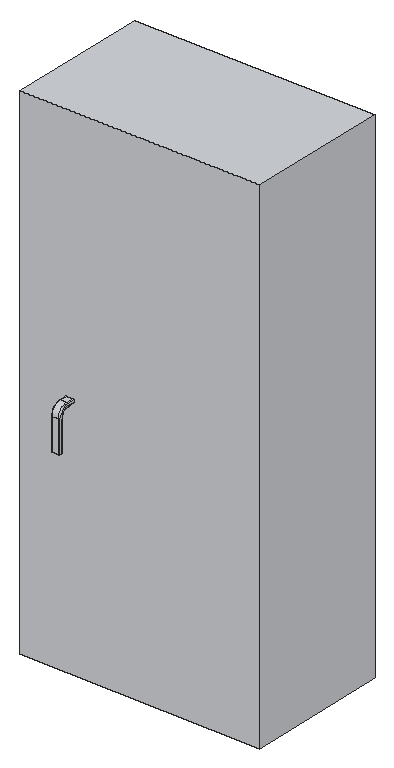
Revit family "c4f1ea3a79974179bf5635f34933e9c0", category Electrical Equipment, Revit 2021
Family settings
  Round Connector Dimension = Use Diameter
  Part Type = Switchboard
  OmniClass Number = 23.80.30.11.17
  OmniClass Title = Distribution Boards and Control Panels
  Seek Item ID = Automatic Transfer Switch-0000-USA-ENU
  Work Plane-Based = No
  Always vertical = Yes
  Cut with Voids When Loaded = No
  Shared = No
  Room Calculation Point = No
Parameters (values of type "400-1000 A")
  Width 2 = Switch Width / 2  # 0' - 10 1/16"
  Width 1 = 0' - 6 1/4"
  Switch Width = 1' - 8 1/8"
  Switch Voltage = 480 V
  Switch Material = none
  Switch Length = 2' - 6"
  Switch Height = 5' - 3"
  built-in parameter 1140142 [instance] = -1
  Number of Poles = 3
  built-in parameter 1155150 [instance] = (empty or 0)
  built-in parameter 1140140 [instance] = 1 (stored number, unit not read)
  Load Classification = Other
  Length 1 = Switch Length / 2  # 1' - 3"
  Height 1 = 2' - 4 1/4"
  built-in parameter 1155100 [instance] = -1
  Default Elevation = 0' - 0"
Types (6): name | Width 2 | Width 1 | Switch Width | Switch Length | Switch Height | Length 1 | Height 1
  (no name) | 0' - 10 1/16" | 0' - 6 1/4" | 1' - 8 1/8" | 2' - 6" | 5' - 3" | 1' - 3" | 2' - 4 1/4"
  100-200 A | 0' - 7 5/8" | 0' - 2 7/8" | 1' - 3 1/4" | 1' - 6" | 4' - 0" | 0' - 9" | 1' - 10 3/4"
  200-400 A | 0' - 7 9/16" | 0' - 2 3/8" | 1' - 3 1/8" | 1' - 10" | 4' - 0" | 0' - 11" | 1' - 10 1/4"
  400-1000 A | 0' - 10 1/16" | 0' - 6 1/4" | 1' - 8 1/8" | 2' - 6" | 5' - 3" | 1' - 3" | 2' - 4 1/4"
  1000-2000 A | 2' - 7 1/16" | 0' - 6 1/4" | 5' - 2 1/8" | 3' - 2" | 7' - 6" | 1' - 7" | 3' - 0 1/4"
  2000-4000 A | 3' - 1 1/16" | 0' - 6 1/4" | 6' - 2 1/8" | 3' - 10" | 7' - 6" | 1' - 11" | 3' - 0 1/4"
Reference planes (in)
  plane 1 "Center (Front/Back)": y = 0
  plane 2: z = 0
  plane 3 "Center (Left/Right)": x = 0
  plane 4: x = -15
  plane 5: x = 15
  plane 6: y = -20.125
  plane 7 "profile": y = -17.875
  plane 8: z = 63
  plane 9: y = -10.0625
  plane 10: z = 28.25
  plane 11 "path": x = -8.75
  plane 12: z = 30.875
  plane 13: z = 25.625
  plane 14: y = -19.875
  plane 15: y = -18.875
  plane 16: z = 30.625
  plane 17: z = 29.625
  plane 18: x = -9.25
  plane 19: x = -8.25
  plane 20: z = 30.375
  plane 21: x = -9.125
  plane 22: x = -8.37404
  plane 23: z = 30.75
  plane 24: z = 30.5
Forms (in)
  Extrusion 1, solid, material <- "Switch Material"
    sketch origin (0, 0, 0) x (1, 0, 0) y (0, 1, 0)
      loop
        line (-15, 0) -> (-15, -17.875) -> (15, -17.875) -> (15, 0) -> (-15, 0)
    from 63 to 0
  Sweep 2, solid, material <- "Switch Material", detail levels fine
    path in 3D
      loop
        line (-8.75, -17.875, 30.625) -> (-8.75, -18.875, 30.625)
        arc (-8.75, -18.875, 30.625) -> (-8.75, -19.58211, 30.33211) -> (-8.75, -19.875, 29.625) r 1
        line (-8.75, -19.875, 29.625) -> (-8.75, -19.875, 25.625)
    profile origin (-8.75, -18.375, 30.625) x (0, 0, -1) y (1, 0, 0)
      loop
        line (-0.125, -0.5) -> (0.125, -0.5)
        arc (0.125, -0.5) -> (0.21339, -0.46339) -> (0.25, -0.375) r 0.125
        line (0.25, -0.375) -> (0.25, 0.37596)
        arc (0.25, 0.37596) -> (0.20939, 0.46838) -> (0.11385, 0.50096) r 0.12546
        line (0.11385, 0.50096) -> (-0.125, 0.50096)
        arc (-0.125, 0.50096) -> (-0.21339, 0.46435) -> (-0.25, 0.37596) r 0.125
        line (-0.25, 0.37596) -> (-0.25, -0.375)
        arc (-0.25, -0.375) -> (-0.21339, -0.46339) -> (-0.125, -0.5) r 0.125
Lines and regions (in)
  model lines, style "InvisibleLines"
    curve 1: line (-8.75, -17.875, 30.625) -> (-8.75, -18.875, 30.625)
    curve 2: line (-8.75, -19.875, 29.625) -> (-8.75, -19.875, 25.625)
    curve 3: arc (-8.75, -18.875, 30.625) -> (-8.75, -19.58211, 30.33211) -> (-8.75, -19.875, 29.625) r 1
    curve 4: line (-9.125, -17.875, 30.875) -> (-8.37404, -17.875, 30.875)
    curve 5: line (-9.25, -17.875, 30.5) -> (-9.25, -17.875, 30.75)
    curve 6: line (-8.37404, -17.875, 30.375) -> (-9.125, -17.875, 30.375)
    curve 7: line (-8.24904, -17.875, 30.75) -> (-8.24904, -17.875, 30.51115)
    curve 8: arc (-9.25, -17.875, 30.75) -> (-9.21339, -17.875, 30.83839) -> (-9.125, -17.875, 30.875) r 0.125
    curve 9: arc (-8.37404, -17.875, 30.875) -> (-8.28565, -17.875, 30.83839) -> (-8.24904, -17.875, 30.75) r 0.125
    curve 10: arc (-8.24904, -17.875, 30.51115) -> (-8.28162, -17.875, 30.41561) -> (-8.37404, -17.875, 30.375) r 0.12546
    curve 11: arc (-9.125, -17.875, 30.375) -> (-9.21339, -17.875, 30.41161) -> (-9.25, -17.875, 30.5) r 0.125
  sketch lines
    curve 12: line (-8.75, -17.875, 30.625) -> (-8.75, -18.875, 30.625)
    curve 13: arc (-8.75, -18.875, 30.625) -> (-8.75, -19.58211, 30.33211) -> (-8.75, -19.875, 29.625) r 1
    curve 14: line (-8.75, -19.875, 29.625) -> (-8.75, -19.875, 25.625)
Dimensions and locks (in)
  "Length 1": plane 4 to plane 3 "Center (Left/Right)"
  "Switch Length": plane 4 to plane 5
  "Switch Width": plane 6 to plane 1 "Center (Front/Back)"
  locked: plane 7 "profile" to plane 6 at 2.25
  "Switch Height": plane 8 to plane 2
  "Width 2": plane 1 "Center (Front/Back)" to plane 9
  "Height 1": plane 10 to plane 2
  "Width 1": plane 11 "path" to plane 4
  locked: plane 12 to plane 10 at 2.625
  locked: plane 10 to plane 13 at 2.625
  locked: plane 14 to plane 6 at 0.25
  locked: plane 15 to plane 14 at 1
  locked: plane 12 to plane 16 at 0.25
  locked: plane 16 to plane 17 at 1
  locked: plane 11 "path" to plane 18 at 0.5
  locked: plane 19 to plane 11 "path" at 0.5
  locked: plane 12 to plane 20 at 0.5
  locked: plane 21 to plane 18 at 0.125
  plane 19 to plane 22 = 0' - 0.12404"
  locked: plane 12 to plane 23 at 0.125
  locked: plane 24 to plane 20 at 0.125
  aligned and locked: Extrusion 1 to plane 1 "Center (Front/Back)"
  aligned and locked: Extrusion 1 to plane 7 "profile"
  aligned and locked: plane 5 to Extrusion 1  (x2)
  aligned and locked: Extrusion 1 to plane 4
  aligned and locked: plane 8 to Extrusion 1
  aligned and locked: Extrusion 1 to plane 2
  aligned and locked: plane 4 to Extrusion 1
  aligned and locked: plane 17 to curve 3  (x2)
  aligned and locked: plane 15 to curve 3
  aligned and locked: plane 13 to curve 2
  aligned and locked: plane 14 to curve 2
  aligned and locked: plane 7 "profile" to curve 1
  aligned and locked: plane 16 to curve 1  (x2)
  aligned and locked: plane 21 to curve 8  (x2)
  aligned and locked: plane 23 to curve 8  (x2)
  aligned and locked: curve 4 to plane 12
  aligned and locked: plane 22 to curve 9  (x2)
  aligned and locked: plane 23 to curve 9  (x2)
  aligned and locked: plane 12 to curve 9
  aligned and locked: plane 22 to curve 10  (x2)
  aligned and locked: plane 24 to curve 11
  aligned and locked: plane 21 to curve 11
  aligned and locked: nested 1 to plane 9
  aligned and locked: plane 3 "Center (Left/Right)" to nested 1
Automatic sketch dimensions
  Extrusion 1 sketch curve to plane 4 = 0' - 0"
  Extrusion 1 sketch curve to plane 5 = 0' - 0"
  Extrusion 1 sketch curve to plane 7 "profile" = 0' - 0"
  Extrusion 1 sketch curve to plane 1 "Center (Front/Back)" = 0' - 0"
  plane 24 to curve 10 = 0' - 0.00046"
  profile plane to Sweep 2 sketch curve = 0' - 0 1/4"
  profile plane to Sweep 2 sketch curve = 0' - 0 1/8"  (x2)
  profile plane to Sweep 2 sketch curve = 0' - 0.37596"
  Sweep 2 sketch curve to profile plane = 0' - 0.11385"
  Sweep 2 sketch curve to profile plane = 0' - 0.12454"
  Sweep 2 sketch curve to Sweep 2 sketch curve = 0' - 0 1/8"  (x2)
  Sweep 2 sketch curve to profile plane = 0' - 0 3/8"
Nested families (in)
  nested 1: "Label Annotation 3-32" at (0, -10.0625, 0), type "Label Annotation 3-32", detail levels coarse+medium
Connectors (in)
  electrical at (0, -8.9375, 63), driven by "Switch Voltage", driven by "Number of Poles", driven by "Load Classification"
    settings: on Extrusion 1, index 1, voltage 480 V, apparent load 0 VA, apparent load phase1 0 VA, apparent load phase2 0 VA, apparent load phase3 0 VA, power factor 0.8, load classification "Other", number of poles 3, system type 31, power factor state 1, is connector primary yes, connector utility no, sub classification motor no, connector description ""
  cabletrayconduit at (0, -8.9375, 63), diameter 24
    settings: on Extrusion 1, index 2, connector width 1' - 0", connector height 1' - 0", connector angle 0.00°, system type 32, placement type 1, profile type 0, connector reference index -1, is primary connector yes, connector utility param no, connector description ""
  cabletrayconduit at (-15, -8.9375, 31.5), diameter 24
    settings: on Extrusion 1, index 3, connector width 1' - 0", connector height 1' - 0", connector angle 0.00°, system type 32, placement type 1, profile type 0, connector reference index -1, is primary connector no, connector utility param no, connector description ""
  cabletrayconduit at (15, -8.9375, 31.5), diameter 24
    settings: on Extrusion 1, index 4, connector width 1' - 0", connector height 1' - 0", connector angle 0.00°, system type 32, placement type 1, profile type 0, connector reference index -1, is primary connector no, connector utility param no, connector description ""
  cabletrayconduit at (0, 0, 31.5), diameter 24
    settings: on Extrusion 1, index 5, connector width 1' - 0", connector height 1' - 0", connector angle 0.00°, system type 32, placement type 1, profile type 0, connector reference index -1, is primary connector no, connector utility param no, connector description ""
  cabletrayconduit at (0, -8.9375, 0), diameter 24
    settings: on Extrusion 1, index 6, connector width 1' - 0", connector height 1' - 0", connector angle 0.00°, system type 32, placement type 1, profile type 0, connector reference index -1, is primary connector no, connector utility param no, connector description ""
Definition of nested family "Label Annotation 3-32"
  Parameters
    Label = ""
  Reference planes (in)
    plane 1: y = 0
    plane 2: x = 0
  Text (in)
    label "Label" at (0.00375, -0.00345, 0), shows "Label"
